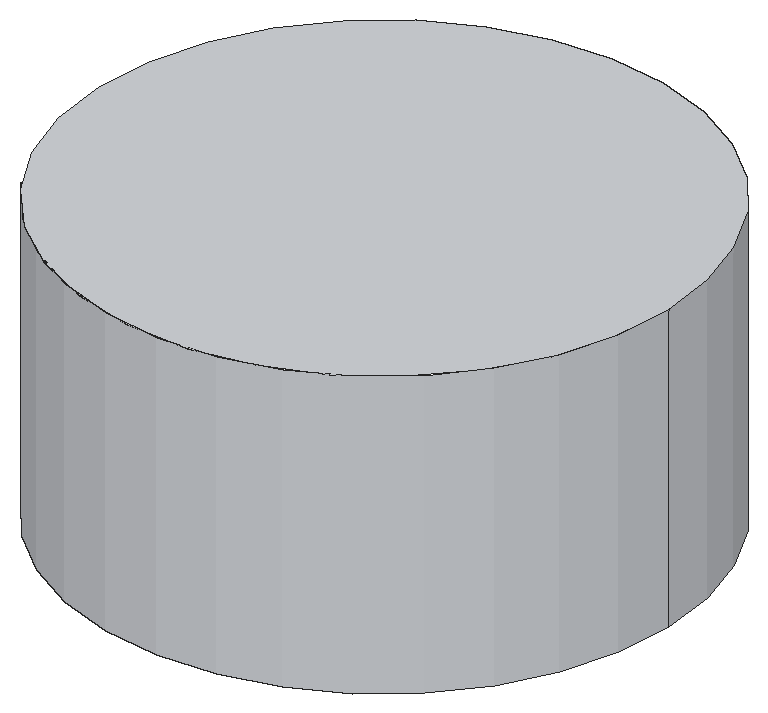
Revit family "07866010", category Specialty Equipment, Revit 2023
Family settings
  Round Connector Dimension = Use Diameter
  Part Type = Normal
  OmniClass Number = 23.40.40.00
  OmniClass Title = Food Service Equipment and Furnishings
  Work Plane-Based = No
  Enable Cutting in Views = Yes
  Always vertical = Yes
  Cut with Voids When Loaded = No
  Maintain Annotation Orientation = No
  Shared = No
  Room Calculation Point = No
Parameters (values of type "Standard")
  URL = "https://www.rustfriebergh.no/produkter/kj-lebr-nner-og-kj-leplater-pa-stativ/kj-leplate-pa-stativ-rbkp-2"
  Model = "07866010"
  Manufacturer = "Rustfriebergh AS"
  Description = "Kjøleplate RBKP-T-6GN"
  Default Elevation = 0 mm
Reference planes
  plane 1 "Center (Front/Back)": y = 0
  plane 2: z = 0
  plane 3 "Center (Left/Right)": x = 0
Forms (mm)
  Extrusion 1, solid
    sketch origin (939.235, -17.5, 681.782) x (1, 0, 0) y (0, 1, 0)
      loop
        circle (0, 0) r 3.048
    from 0 to -3.048
Dimensions and locks
  aligned and locked: level to plane 2
Connectors
  electrical at (939.235, -17.5, 681.782)
    settings: on Extrusion 1, index 1, voltage 230 V, apparent load 0 VA, apparent load phase1 0 VA, apparent load phase2 0 VA, apparent load phase3 0 VA, power factor 0, load classification "Other", number of poles 1, system type 30, power factor state 1, is connector primary yes, connector utility no, sub classification motor no, connector description "Srømart"
